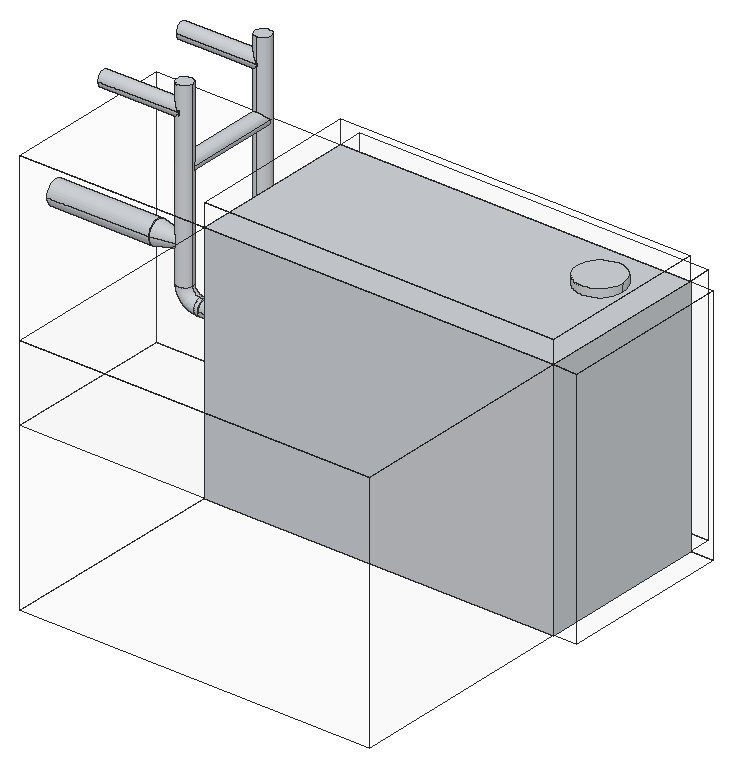
Revit family "Jandy Pool Heater CXI500-750", category Mechanical Equipment, Revit 2016
Family settings
  Part Type = Normal
  Round Connector Dimension = Use Radius
  OmniClass Number = 23.65.35.11.17
  OmniClass Title = Thermodynamic Water Heaters
  Work Plane-Based = No
  Always vertical = Yes
  Cut with Voids When Loaded = No
  Shared = No
  Room Calculation Point = No
Parameters (values of type "CXI500")
  water outlet sweep adjustment 2 = water outlet offset from back - 5"  # 16 3/4"
  water outlet offset from back = K_water outlet offset from water inlet + M_water inlet offset from front  # 21 3/4"
  water outlet sweep adjustment = water outlet offset from back - 2 1/2"  # 19 1/4"
  water inlet sweep adjustment 2 = -1 * (water inlet sweep adjustment)  # -7 1/4"
  water bypass adjustment = K_water outlet offset from water inlet * -1  # -12 3/4"
  water inlet sweep adjustment = H_vertical water conn offset from left - 2 1/2"  # 7 1/4"
  top clearance = 3"
  right clearance = 3"
  pump extrusion = F_pump dist from left - (H_vertical water conn offset from left + 3 1/2")  # 13 1/4"
  left clearance = 24"
  horiz water conn offset from vertical water conn = -1 * (E_horiz water conn offset from left - H_vertical water conn offset from left)  # -10 1/2"
  gas conn offset from front = 20"
  front clearance = 30"
  back clearance = 3"
  air inlet radius = 3"
  Voltage/Pump = "120"
  L_top water conn height = 41 1/4"
  J_vent offset from right = 7"
  WATER CONN SIZE = water conn radius * 2  # 2"
  SES BIM Studio # = "18 0649 03"
  water conn radius = 1"
  M_water inlet offset from front = 9"
  K_water outlet offset from water inlet = 12 3/4"
  H_vertical water conn offset from left = 9 3/4"
  G_gas conn height = 29"
  F_pump dist from left = 26 1/2"
  E_horiz water conn offset from left = 20 1/4"
  D_horiz water conn height = 38"
  B_WIDTH = 45 1/2"
  Voltage/Heater = "120"
  Voltage/Control = "24"
  AIR INLET SIZE = air inlet radius * 2  # 6"
  URL = ""
  Total Amps = "12.1"
  Model = "CXI500"
  Manufacturer = "Lochinvar"
  MODEL NO. = "CXI500"
  gas conn radius = 5/8"
  GAS CONN SIZE = gas conn radius * 2  # 1 1/4"
  GALLON CAPACITY = "1.7"
  vent radius = 3"
  VENT SIZE = vent radius * 2  # 6"
  C_DEPTH = 22 1/4"
  INPUT RATE (BTUH) = "500,000"
  A_HEIGHT = 31 1/2"
  FUEL TYPE = "NATURAL GAS"
  Description = "Pool Heater"
  Fuel Type = "Natural or LP"
  # of Electrical Connections = "2"
Types (4): name | top clearance | right clearance | left clearance | front clearance | back clearance | air inlet radius | J_vent offset from right | B_WIDTH | AIR INLET SIZE | Total Amps | Model | MODEL NO. | GALLON CAPACITY | vent radius | VENT SIZE | INPUT RATE (BTUH)
  (no name) | 3" | 3" | 24" | 30" | 3" | 3" | 7" | 45 1/2" | 6" | "12.1" | "CXI500" | "CXI500" | "1.7" | 3" | 6" | "500,000"
  CXI500 | 3" | 3" | 24" | 30" | 3" | 3" | 7" | 45 1/2" | 6" | "12.1" | "CXI500" | "CXI500" | "1.7" | 3" | 6" | "500,000"
  CXI650 | 13" | 29 1/4" | 46 3/4" | 22 3/4" | 12 3/4" | 4" | 8 1/2" | 56 3/4" | 8" | "14.6" | "CXI650" | "CXI650" | "1.9" | 4" | 8" | "650,000"
  CXI750 | 13" | 29 1/4" | 46 3/4" | 22 3/4" | 12 3/4" | 4" | 8 1/2" | 64" | 8" | "14.6" | "CXI750" | "CXI750" | "2.0" | 4" | 8" | "750,000"
Reference planes (in)
  plane 1 "Center (Front/Back)": y = 6.125
  plane 2: z = 0
  plane 3 "Center (Left/Right)": x = -1.39218
  plane 4 "Back": y = 17.25
  plane 5 "Front": y = -5
  plane 6 "Top": z = 31.5
  plane 7 "Right": x = 21.35782
  plane 8 "Left": x = -24.14218
  plane 9 "Front Clearance": y = -35
  plane 10 "Back Clearance": y = 20.25
  plane 11 "Left Clearance": x = -48.14218
  plane 12 "Top Clearance": z = 34.5
  plane 13 "water inlet plane": y = 4
  plane 14 "water outlet plane": x = -33.89218
  plane 15 "pump height": z = 22.5
  plane 16 "pump extrusion": x = -37.39218
  plane 17 "Right Clearance": x = 24.35782
Forms (in)
  Extrusion 1, solid
    sketch origin (0, 0, 0) x (1, 0, 0) y (0, 1, 0)
      loop
        line (-24.14218, -5) -> (21.35782, -5) -> (21.35782, 17.25) -> (-24.14218, 17.25) -> (-24.14218, -5)
    from 0 to 31.5
  Extrusion 2, solid
    sketch origin (-2.78436, 13.49668, 31.5) x (1, 0, 0) y (0, 1, 0)
      loop
        circle (17.14218, -2.24668) r 3
    from 0 to 1
  Sweep 3, solid
    path origin (-2.78436, 11.4827, 0) x (-1, 0, 0) y (0, -1, 0)
      loop
        line (21.35782, -0.2673) -> (29.10782, -0.2673)
        arc (29.10782, -0.2673) -> (30.52203, -0.85309) -> (31.10782, -2.2673) r 2
        line (31.10782, -2.2673) -> (31.10782, -2.7673)
    profile origin (-28.01718, 11.75, 0) x (0, -1, 0) y (0, 0, 1)
      loop
        circle (0, 15.75) r 1
  Extrusion 4, solid
    sketch origin (0, 17.25, 0) x (1, 0, 0) y (0, 0, 1)
      loop
        line (19.35782, 29.5) -> (13.35782, 29.5) -> (13.35782, 23.5) -> (19.35782, 23.5) -> (19.35782, 29.5)
    from 0 to -1
  Sweep 5, solid
    path origin (0, 4, 0) x (1, 0, 0) y (0, 0, 1)
      loop
        line (-31.39218, 15.75) -> (-31.89218, 15.75)
        arc (-31.89218, 15.75) -> (-33.30639, 16.33579) -> (-33.89218, 17.75) r 2
        line (-33.89218, 17.75) -> (-33.89218, 41.25)
    profile origin (-33.89218, 4, 29.5) x (-1, 0, 0) y (0, -1, 0)
      loop
        circle (0, 0) r 1
  Sweep 6, solid
    path origin (-33.89218, 0, 0) x (0, 1, 0) y (0, 0, 1)
      loop
        line (14.25, 15.75) -> (14.75, 15.75)
        arc (14.75, 15.75) -> (16.16421, 16.33579) -> (16.75, 17.75) r 2
        line (16.75, 17.75) -> (16.75, 41.25)
    profile origin (-33.89218, 16.75, 29.5) x (0, -1, 0) y (1, 0, 0)
      loop
        circle (0, 0) r 1
  Extrusion 7, solid
    sketch origin (0, 4, 0) x (1, 0, 0) y (0, 0, 1)
      loop
        circle (-33.89218, 31.5) r 1
    from 0 to -12.75 <- "water bypass adjustment"
  Extrusion 8, solid
    sketch origin (-33.89218, 0, 0) x (0, 1, 0) y (0, 0, 1)
      loop
        circle (16.75, 38) r 1
    from 0 to -10.5 <- "horiz water conn offset from vertical water conn"
  Extrusion 9, solid
    sketch origin (-33.89218, 0, 0) x (0, 1, 0) y (0, 0, 1)
      loop
        circle (4, 38) r 1
    from 0 to -10.5 <- "horiz water conn offset from vertical water conn"
  Extrusion 10, solid
    sketch origin (-24.14218, 0, 0) x (0, 1, 0) y (0, 0, 1)
      loop
        circle (4, 15.75) r 1
    from 0 to -7.25 <- "water inlet sweep adjustment 2"
  SweptBlend 11, solid
    path origin (0, 0, 22.5) x (-1, 0, 0) y (0, -1, 0)
      loop
        line (33.89218, -4) -> (37.39218, -4)
    profile origin (-33.89218, 4, 22.5) x (0, -1, 0) y (0, 0, 1)
      loop
        circle (0, 0) r 0.75
    end profile origin (-37.39218, 4, 22.5) x (0, -1, 0) y (0, 0, 1)
      loop
        circle (0, 0) r 1.5
  Extrusion 12, solid
    sketch origin (-37.39218, 0, 0) x (0, -1, 0) y (0, 0, 1)
      loop
        circle (-4, 22.5) r 1.5
    from 0 to 13.25 <- "pump extrusion"
  Extrusion 13, solid
    sketch origin (-24.14218, -13, 0) x (0, 1, 0) y (0, 0, 1)
      loop
        circle (28, 29) r 0.625
    from 0 to -0.5
  Extrusion 14, solid
    sketch origin (0, 18.25, 0) x (-1, 0, 0) y (0, 0, 1)
      loop
        circle (-16.35782, 26.5) r 3
    from 0 to 0.125
  Extrusion 15, solid, material "Clearance"
    sketch origin (0, -5, 0) x (1, 0, 0) y (0, 0, 1)
      loop
        line (-24.14218, 31.5) -> (-24.14218, 0) -> (21.35782, 0) -> (21.35782, 31.5) -> (-24.14218, 31.5)
    from 0 to 30
  Extrusion 16, solid, material "Clearance"
    sketch origin (0, 17.25, 0) x (1, 0, 0) y (0, 0, 1)
      loop
        line (21.35782, 31.5) -> (-24.14218, 31.5) -> (-24.14218, 0) -> (21.35782, 0) -> (21.35782, 31.5)
    from 0 to -3
  Extrusion 17, solid, material "Clearance"
    sketch origin (21.35782, 0, 0) x (0, -1, 0) y (0, 0, 1)
      loop
        line (5, 31.5) -> (-17.25, 31.5) -> (-17.25, 0) -> (5, 0) -> (5, 31.5)
    from 0 to -3
  Extrusion 18, solid, material "Clearance"
    sketch origin (-24.14218, 0, 0) x (0, 1, 0) y (0, 0, 1)
      loop
        line (17.25, 31.5) -> (-5, 31.5) -> (-5, 0) -> (17.25, 0) -> (17.25, 31.5)
    from 0 to -24
  Extrusion 19, solid, material "Clearance"
    sketch origin (0, 0, 31.5) x (-1, 0, 0) y (0, -1, 0)
      loop
        line (24.14218, -17.25) -> (24.14218, 5) -> (-21.35782, 5) -> (-21.35782, -17.25) -> (24.14218, -17.25)
    from 0 to 3
Dimensions and locks (in)
  "A_HEIGHT": plane 6 "Top" to level
  equal spacing: plane 8 "Left", plane 3 "Center (Left/Right)", plane 7 "Right"
  "B_WIDTH": plane 8 "Left" to plane 7 "Right"
  equal spacing: plane 5 "Front", plane 1 "Center (Front/Back)", plane 4 "Back"
  "C_DEPTH": plane 5 "Front" to plane 4 "Back"
  "J_vent offset from right": Extrusion 2 sketch curve to plane 7 "Right"
  "water outlet sweep adjustment 2": Sweep 3 sketch curve to plane 5 "Front"
  "water outlet sweep adjustment 2": plane 5 "Front" to Sweep 3 sketch curve
  "water outlet sweep adjustment": plane 5 "Front" to Sweep 3 sketch curve
  "M_water inlet offset from front": plane 5 "Front" to plane 13 "water inlet plane"
  "M_water inlet offset from front": plane 5 "Front" to Sweep 5 sketch curve
  "H_vertical water conn offset from left": Sweep 5 sketch curve to plane 8 "Left"
  "H_vertical water conn offset from left": plane 8 "Left" to Sweep 5 sketch curve
  "L_top water conn height": Sweep 5 sketch curve to level
  "H_vertical water conn offset from left": plane 14 "water outlet plane" to plane 8 "Left"
  "H_vertical water conn offset from left": Sweep 6 sketch curve to plane 8 "Left"
  "H_vertical water conn offset from left": Sweep 3 sketch curve to plane 8 "Left"
  "water outlet offset from back": Sweep 6 sketch curve to plane 5 "Front"
  "water outlet sweep adjustment": Sweep 6 sketch curve to plane 5 "Front"
  "L_top water conn height": Sweep 6 sketch curve to level
  "H_vertical water conn offset from left": plane 8 "Left" to Extrusion 7 sketch curve
  "water outlet offset from back": Extrusion 8 sketch curve to plane 5 "Front"
  "D_horiz water conn height": Extrusion 8 sketch curve to level
  "M_water inlet offset from front": Extrusion 9 sketch curve to plane 5 "Front"
  "D_horiz water conn height": Extrusion 9 sketch curve to level
  "water inlet sweep adjustment": plane 8 "Left" to Sweep 5 sketch curve
  "M_water inlet offset from front": plane 5 "Front" to SweptBlend 11 sketch curve
  locked: SweptBlend 11 sketch curve to SweptBlend 11 sketch curve at 3.5
  "H_vertical water conn offset from left": SweptBlend 11 sketch curve to plane 8 "Left"
  "M_water inlet offset from front": Extrusion 12 sketch curve to plane 5 "Front"
  locked: plane 16 "pump extrusion" to plane 14 "water outlet plane" at 3.5
  "G_gas conn height": Extrusion 13 sketch curve to level
  Extrusion 4 sketch curve to plane 6 "Top" = 2"
  locked: Extrusion 4 sketch curve to plane 7 "Right" at 2
  "VENT SIZE": Extrusion 4 sketch curve to Extrusion 4 sketch curve  (x2)
  "air inlet radius": Extrusion 4 to Extrusion 14 sketch curve  (x2)
  "front clearance": plane 9 "Front Clearance" to plane 5 "Front"
  "back clearance": plane 4 "Back" to plane 10 "Back Clearance"
  "right clearance": plane 7 "Right" to plane 17 "Right Clearance"
  "left clearance": plane 11 "Left Clearance" to plane 8 "Left"
  "top clearance": plane 12 "Top Clearance" to plane 6 "Top"
  "gas conn offset from front": Extrusion 13 sketch curve to Extrusion 19
  "water conn radius": radius of Sweep 3 sketch curve
  "water conn radius": radius of Sweep 6 sketch curve
  "water conn radius": radius of Sweep 5 sketch curve
  "water conn radius": radius of Extrusion 8 sketch curve
  "water conn radius": radius of Extrusion 9 sketch curve
  "water conn radius": radius of Extrusion 10 sketch curve
  "gas conn radius": radius of Extrusion 13 sketch curve
  "vent radius": radius of Extrusion 2 sketch curve
  "air inlet radius": radius of Extrusion 14 sketch curve
  "water conn radius": radius of Extrusion 7 sketch curve
  aligned and locked: plane 5 "Front" to Extrusion 1 sketch curve
  aligned and locked: Extrusion 1 sketch curve to plane 8 "Left"
  aligned and locked: Extrusion 1 sketch curve to plane 4 "Back"
  aligned and locked: Extrusion 1 sketch curve to plane 7 "Right"
  aligned and locked: plane 6 "Top" to Extrusion 1
  aligned and locked: plane 16 "pump extrusion" to SweptBlend 11
  aligned and locked: Extrusion 15 sketch curve to Extrusion 1  (x4)
  aligned and locked: plane 9 "Front Clearance" to Extrusion 15
  aligned and locked: Extrusion 16 sketch curve to Extrusion 1  (x4)
  aligned and locked: Extrusion 16 to plane 10 "Back Clearance"
  aligned and locked: Extrusion 15 to Extrusion 17 sketch curve
  aligned and locked: Extrusion 17 sketch curve to Extrusion 1  (x3)
  aligned and locked: plane 17 "Right Clearance" to Extrusion 17
  aligned and locked: Extrusion 18 sketch curve to Extrusion 1  (x3)
  aligned and locked: Extrusion 15 to Extrusion 18 sketch curve
  aligned and locked: Extrusion 18 to plane 11 "Left Clearance"
  aligned and locked: Extrusion 19 sketch curve to Extrusion 1  (x3)
  aligned and locked: Extrusion 19 sketch curve to Extrusion 15
  aligned and locked: plane 12 "Top Clearance" to Extrusion 19
Automatic sketch dimensions
  Extrusion 2 sketch curve to plane 1 "Center (Front/Back)" = 5 1/8"
  Sweep 3 sketch curve to plane 8 "Left" = 0"
  Sweep 3 sketch curve to Sweep 3 sketch curve = 1/2"
  level to Sweep 3 sketch curve = 15 3/4"
  level to Sweep 6 sketch curve = 15 3/4"
  Sweep 6 sketch curve to Sweep 6 sketch curve = 1/2"
  Sweep 6 sketch curve to profile plane = 0"
  Extrusion 7 sketch curve to plane 6 "Top" = 0"
  Sweep 5 sketch curve to Sweep 5 sketch curve = 1/2"
  Sweep 5 sketch curve to plane 15 "pump height" = 4 3/4"
  Extrusion 10 sketch curve to plane 13 "water inlet plane" = 0"
  Extrusion 10 sketch curve to plane 15 "pump height" = 6 3/4"
  SweptBlend 11 sketch curve to plane 15 "pump height" = 0"  (x2)
  SweptBlend 11 sketch curve to profile plane = 0"  (x2)
  Extrusion 12 sketch curve to plane 15 "pump height" = 0"
  radius of SweptBlend 11 sketch curve = 3/4"
  radius of SweptBlend 11 sketch curve = 1 1/2"
  radius of Extrusion 12 sketch curve = 1 1/2"
Connectors (in)
  piping at (-33.89218, 16.75, 41.25), diameter 2, driven by "water conn radius"
    settings: on Sweep 6, index 2, connector inside diameter 2", connector length 0", flow factor 0, pipe flow 0 GPM, pressure drop 0.00 psi, fitting loss kfactor 0, connector angle 0.00°, fixture units 0, engagement length 0", angle of deflection 0.00°, flow configuration 0, flow direction 2, fitting loss method 0, system type 7, joint type 0, gender type 0, connector reference index -1, connector utility 0, adjustable connector no, is connector primary yes, connector description "Water Outlet 1"
  piping at (-44.39218, 16.75, 38), diameter 2, driven by "water conn radius"
    settings: on Extrusion 8, index 3, connector inside diameter 2", connector length 0", flow factor 0, pipe flow 0 GPM, pressure drop 0.00 psi, fitting loss kfactor 0, connector angle 0.00°, fixture units 0, engagement length 0", angle of deflection 0.00°, flow configuration 0, flow direction 2, fitting loss method 0, system type 7, joint type 0, gender type 0, connector reference index -1, connector utility 0, adjustable connector no, is connector primary no, connector description "Water Outlet 2"
  piping at (-33.89218, 4, 41.25), diameter 2, driven by "water conn radius"
    settings: on Sweep 5, index 4, connector inside diameter 2", connector length 0", flow factor 0, pipe flow 0 GPM, pressure drop 0.00 psi, fitting loss kfactor 0, connector angle 0.00°, fixture units 0, engagement length 0", angle of deflection 0.00°, flow configuration 0, flow direction 1, fitting loss method 0, system type 8, joint type 0, gender type 0, connector reference index -1, connector utility 0, adjustable connector no, is connector primary no, connector description "Water Inlet 1"
  piping at (-44.39218, 4, 38), diameter 2, driven by "water conn radius"
    settings: on Extrusion 9, index 5, connector inside diameter 2", connector length 0", flow factor 0, pipe flow 0 GPM, pressure drop 0.00 psi, fitting loss kfactor 0, connector angle 0.00°, fixture units 0, engagement length 0", angle of deflection 0.00°, flow configuration 0, flow direction 1, fitting loss method 0, system type 8, joint type 0, gender type 0, connector reference index -1, connector utility 0, adjustable connector no, is connector primary no, connector description "Water Inlet 2"
  hvac at (14.35782, 11.25, 32.5), driven by "vent radius"
    settings: on Extrusion 2, index 6, duct flow 0 CFM, flow factor 0, pres drop 0.00 in-wg, loss coef 0, conn angle 0.00°, conn width 12", conn height 12", conn diameter 6", duct sys type 3, conn prof type 0, flow config 0, flow direction 2, loss method 0, conn ref index -1, conn util no, is conn primary yes, conn desc "Vent"
  hvac at (16.35782, 18.375, 26.5), driven by "air inlet radius"
    settings: on Extrusion 14, index 7, duct flow 0 CFM, flow factor 0, pres drop 0.00 in-wg, loss coef 0, conn angle 0.00°, conn width 12", conn height 12", conn diameter 6", duct sys type 1, conn prof type 0, flow config 0, flow direction 1, loss method 0, conn ref index -1, conn util no, is conn primary no, conn desc "Air Inlet"
  piping at (-24.64218, 15, 29), diameter 1.25, driven by "gas conn radius"
    settings: on Extrusion 13, index 9, connector inside diameter 1 1/4", connector length 0", flow factor 0, pipe flow 0 GPM, pressure drop 0.00 psi, fitting loss kfactor 0, connector angle 0.00°, fixture units 0, engagement length 0", angle of deflection 0.00°, flow configuration 0, flow direction 1, fitting loss method 0, system type 22, joint type 0, gender type 0, connector reference index -1, connector utility 0, adjustable connector no, is connector primary no, connector description "Gas Conn"
